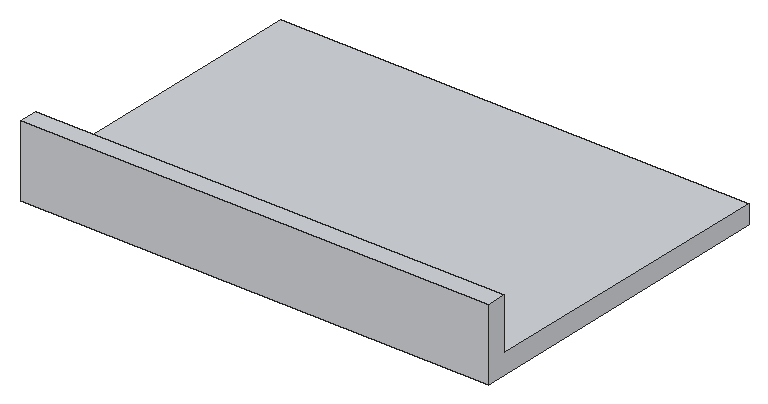
Revit family "Kitchen Countertop - Rec", category Generic Models, Revit 2019
Family settings
  Can host rebar = No
  Round Connector Dimension = Use Diameter
  Part Type = Normal
  Work Plane-Based = No
  Always vertical = Yes
  Cut with Voids When Loaded = No
  Shared = No
  Room Calculation Point = No
Parameters (values of type "Generic")
  Width [instance] = 3' - 0"
  Height = 0' - 1 1/2"
  Depth [instance] = 2' - 1"
Reference planes (in)
  plane 1 "Center (Front/Back)": y = 0
  plane 2: z = 0
  plane 3 "Center (Left/Right)": x = 0
Forms (in)
  Extrusion 1, solid
    sketch origin (0, 0, 0) x (1, 0, 0) y (0, 1, 0)
      loop
        line (-18, 12.5) -> (-18, -12.5) -> (18, -12.5) -> (18, 12.5) -> (-18, 12.5)
    from 0 to 1.5
  Extrusion 2, solid
    sketch origin (0, 0, 0) x (0, 1, 0) y (0, 0, 1)
      loop
        line (-12.5, 1.5) -> (-11, 1.5) -> (-11, 5.5) -> (-12.5, 5.5) -> (-12.5, 1.5)
    from -18 to 18
Cuts and joins
  joined: Extrusion 1, Extrusion 2
Dimensions and locks (in)
  equal spacing: Extrusion 1 sketch curve, plane 3 "Center (Left/Right)", Extrusion 1 sketch curve
  equal spacing: Extrusion 1 sketch curve, plane 1 "Center (Front/Back)", Extrusion 1 sketch curve
  "Width": Extrusion 1 sketch curve to Extrusion 1 sketch curve
  "Depth": Extrusion 1 sketch curve to Extrusion 1 sketch curve
  "Height": Extrusion 1 to plane 2
  locked: Extrusion 1 to Extrusion 2 sketch curve at 4
  locked: Extrusion 2 sketch curve to Extrusion 2 sketch curve at 1.5
  aligned and locked: plane 2 to level
  aligned and locked: Extrusion 2 sketch curve to Extrusion 1  (x2)
  aligned and locked: Extrusion 1 to Extrusion 2
  aligned and locked: Extrusion 2 to Extrusion 1
